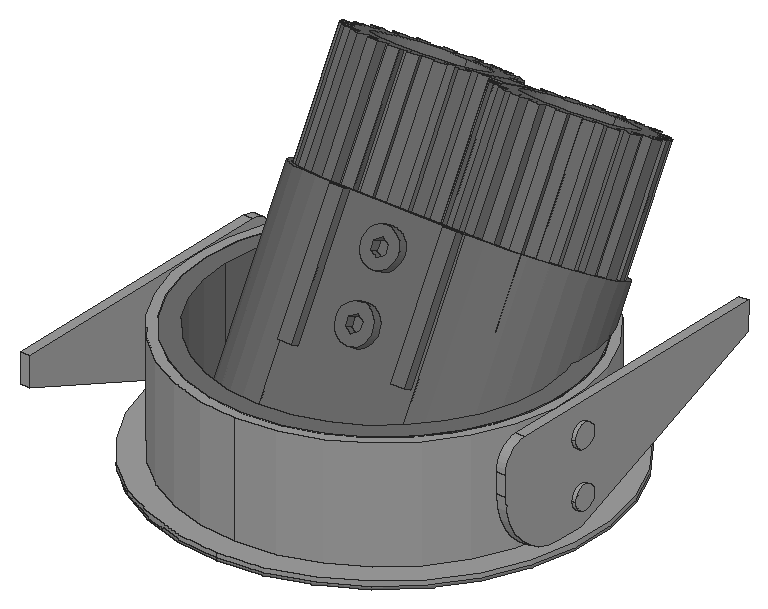
Revit family "Magnus Adjustable 2x - 4000K (Narrow)", category Lighting Fixtures, host Ceiling, Revit 2021
Family settings
  Host = Ceiling
  Round Connector Dimension = Use Diameter
  Part Type = Normal
  OmniClass Number = 23.80.70.11
  OmniClass Title = Luminaries for Internal Lighting
  Always vertical = Yes
  Cut with Voids When Loaded = No
  Light Source = No
  Shared = No
  Room Calculation Point = No
Parameters (values of type "Type 1")
  Weight = 0 mm
  Wattage(W) = "10"
  URL = "https://pluslighttech.com"
  UGR = "<10"
  Tuneable & Dimmable = "Yes"
  THD = "<10%"
  Tilt Angle = 30.00°
  Manufacturer = "pluslighttech."
  Lifetime = "L80/B10(>50,000hrs@Ta-30Deg C)"
  Lamp Flux( lm) = "792.342"
  IP Rating = "IP20"
  Efficiency = ">92 %"
  Efficacy (Lm/W) = "82.83"
  Driving Current( mA) = "350"
  Driver Type = "On-Off/ Dali 2.0/ DT8.0/ BLE/AD/ TD"
  Beam Angle Degree = "33.6"
  Default Elevation = 0 mm
  Colors = "Metalic Chrome, Black, White"
  Certification = "Available on request"
  CRI = "90"
  CCT(K) = "4000"
  Bining = "≤3SDCM"
Reference planes
  plane 1 "Light Source Axis (F/B)": y = 0
  plane 2: z = 0
  plane 3 "Light Source Axis (L/R)": x = 0
  plane 4 "Ceiling": z = 4000
  plane 5 "Light Source Elevation": z = 4000
  plane 6: z = 3996
Lines and regions (mm)
  Opening 1
    outline origin (-1859.1, 2697.74, 4010) x (-1, 0, 0) y (0, -1, 0)
      loop
        circle (-1859.1, 2697.74) r 38.5
Dimensions and locks
  equal spacing: host sketch curve, plane 3 "Light Source Axis (L/R)", host sketch curve
  equal spacing: host sketch curve, plane 1 "Light Source Axis (F/B)", host sketch curve
  host sketch curve to host sketch curve = 4000 mm  (x2)
  "Tilt Angle": angle nested 2 to plane 1 "Light Source Axis (F/B)"
  aligned and locked: plane 5 "Light Source Elevation" to nested 1
  aligned and locked: nested 1 to plane 1 "Light Source Axis (F/B)"
  aligned and locked: plane 3 "Light Source Axis (L/R)" to nested 1
  aligned and locked: plane 5 "Light Source Elevation" to nested 2
  aligned and locked: plane 1 "Light Source Axis (F/B)" to nested 2
Automatic sketch dimensions
  Opening 1 sketch curve to Opening 1 sketch curve = 0 mm  (x2)
  Opening 1 sketch curve to plane 3 "Light Source Axis (L/R)" = 0 mm
  plane 1 "Light Source Axis (F/B)" to Opening 1 sketch curve = 0 mm
  Opening 1 sketch curve to plane 1 "Light Source Axis (F/B)" = 38.5 mm
Nested families
  nested 1: "Magnus Adjustable 2x - Cap" at (0, 0, 4000) x (0, 1, 0) z (0, 0, 1), type "Magnus Adjustable 2x - Cap"
  nested 2: "Magnus Adjustable 2x - Spot Light" at (-14.662, 38.507, 4066.696) x (0, -0.5, -0.866) z (1, 0, 0), type "Magnus Adjustable 2x - Spot Light"
Definition of nested family "Magnus Adjustable 2x - Cap"
  Parameters (values of type "Magnus Adjustable 2x - Cap")
    Wattage Comments = ""
    UGR = "<13"
    SS = none
    S2 = D1 / 2  # 20.25 mm
    S1 = D1 + 5 mm  # 45.5 mm
    Power = "29W"
    Photobiological safety group = "1"
    Lumious flux of the fixture = "2773.94lm"
    Luminious efficacy = "94.83lm/W"
    Light Cap = none
    LOR = "85%"
    LED realiability = "50000h L80B10"
    H3 = 76 mm
    H2 = 56 mm
    H1 = 26 mm
    Driver = "Constant Current"
    Fixture Finish = none
    Default Elevation = 0 mm
    D3 = 18 mm
    D2 = D1 - 5 mm  # 35.5 mm
    D1 = 40.5 mm
    Current = "600mA"
    Control = "DALI"
    Color Temperature = "4000K"
    Chromaticity Tolerance = "3SDCM"
    CRI = ">92.3"
    Beam Angle = "56.1º"
    Average Service Life = "50000hrs"
    Accessories = "Mounting accessories as per site requirement."
  Reference planes
    plane 1 "Tilt Plane (F/B)": y = 0
    plane 2: z = 0
    plane 3 "Light Source Axis (L/R)": x = 0
    plane 4 "Light Source Elevation": z = 0
    plane 5: z = -2
    plane 6: z = 24
    plane 7: z = 74
    plane 8: y = 40.5
    plane 9: y = -40.5
    plane 10: z = 12
    plane 11: z = 12
  Forms (mm)
    Sweep 1, solid, material <- "SS"
      path origin (0, 0, 0) x (1, 0, 0) y (0, 1, 0)
        loop
          circle (0, 0) r 40.5
      profile origin (0, 40.5, 0) x (0, -1, 0) y (0, 0, 1)
        loop
          arc (1, -2) -> (1.707, -1.707) -> (2, -1) r 1
          line (2, -1) -> (2, 24) -> (0, 24) -> (0, 0) -> (-5, 0) -> (-5, -1)
          arc (-5, -1) -> (-4.707, -1.707) -> (-4, -2) r 1
          line (-4, -2) -> (1, -2)
    Extrusion 2, solid, material <- "SS"
      sketch origin (0, 0, 0) x (1, 0, 0) y (0, 0, 1)
        loop
          arc (-14.979, 24) -> (-18.706, 22.456) -> (-20.25, 18.729) r 5.271
          line (-20.25, 18.729) -> (-20.25, 14.521)
          arc (-20.25, 14.521) -> (-15.997, 4.253) -> (-5.729, 0) r 14.521
          line (-5.729, 0) -> (0, 0) -> (45.5, 17.738) -> (45.5, 24) -> (-14.979, 24)
      from 40.5 to 42.5
    Extrusion 3, solid, material <- "SS"
      sketch origin (0, 0, 0) x (1, 0, 0) y (0, 0, 1)
        loop
          circle (0, 18) r 2.482
        loop
          circle (0, 6) r 2.482
      from 42.5 to 43.5
    Extrusion 4, solid, material <- "SS"
      sketch origin (-4.606, -2, 1) x (-1, 0, 0) y (0, 0, 1)
        loop
          arc (-19.585, 23) -> (-23.312, 21.456) -> (-24.856, 17.729) r 5.271
          line (-24.856, 17.729) -> (-24.856, 13.521)
          arc (-24.856, 13.521) -> (-20.603, 3.253) -> (-10.335, -1) r 14.521
          line (-10.335, -1) -> (-4.606, -1) -> (40.894, 16.738) -> (40.894, 23) -> (-19.585, 23)
      from 44.5 to 42.5
    Extrusion 5, solid, material <- "SS"
      sketch origin (0, 59.114, 0) x (1, 0, 0) y (0, 0, 1)
        loop
          circle (0, 18) r 2.482
        loop
          circle (0, 6) r 2.482
      from 15.614 to 16.614
    Sweep 6, solid, material <- "Light Cap"
      path origin (0, 0, 0) x (0, -1, 0) y (1, 0, 0)
        loop
          circle (0, 0) r 40.5
      profile origin (-40.5, 0, 0) x (-1, 0, 0) y (0, 0, 1)
        loop
          line (-2, 0) -> (-2, 24) -> (-6, 24) -> (-6, 0) -> (-2, 0)
  Text (mm)
    text "0 Tilt Angle" at (809.978, -4572, 1586.413), in view "Front"
    text "90" at (-194.597, -4572, 2488.248), in view "Front"
    text "180" at (-1130.68, -4572, 1586.413), in view "Front"
    text "270" at (-320.169, -4572, 456.265), in view "Front"
    text "0 Tilt Angle" at (1952.354, 4572, 1542.98), in view "Back"
    text "180" at (-876.627, 4572, 1524.796), in view "Back"
    text "90" at (296.375, 4572, 2698.908), in view "Back"
    text "270" at (421.947, 4572, 666.926), in view "Back"
  Dimensions and locks
    locked: level to plane 5 at 2
    "H1": plane 6 to plane 5
    locked: Sweep 1 sketch curve to Sweep 1 sketch curve at 2
    "H3": plane 7 to plane 5
    "D1": plane 8 to plane 1 "Tilt Plane (F/B)"
    "D1": plane 9 to plane 1 "Tilt Plane (F/B)"
    "S1": plane 3 "Light Source Axis (L/R)" to Extrusion 2 sketch curve
    "S2": plane 3 "Light Source Axis (L/R)" to Extrusion 2 sketch curve
    locked: Extrusion 2 sketch curve to Extrusion 2 sketch curve at 6.262
    locked: Extrusion 2 to Extrusion 2 at 2
    equal spacing: Sweep 1, Extrusion 3 sketch curve, plane 10
    locked: plane 3 "Light Source Axis (L/R)" to Extrusion 3 sketch curve  (x2)
    locked: Extrusion 3 to Extrusion 3 at 1
    locked: Extrusion 4 sketch curve to Extrusion 4 sketch curve at 6.262
    locked: Extrusion 4 to Extrusion 4 at 2
    "S1": plane 3 "Light Source Axis (L/R)" to Extrusion 4 sketch curve
    "S2": Extrusion 4 sketch curve to plane 3 "Light Source Axis (L/R)"
    locked: Extrusion 5 to Extrusion 5 at 1
    locked: plane 3 "Light Source Axis (L/R)" to Extrusion 5 sketch curve  (x2)
    equal spacing: plane 10, Extrusion 3 sketch curve, Sweep 1
    equal spacing: Sweep 1, plane 10, Sweep 1
    equal spacing: Sweep 1, plane 11, Sweep 1
    equal spacing: plane 11, Extrusion 5 sketch curve, Sweep 1
    equal spacing: Sweep 1, Extrusion 5 sketch curve, plane 11
    "D1": radius of Sweep 1 sketch curve
    "D1": radius of Sweep 6 sketch curve
    aligned and locked: level to plane 2
    aligned and locked: Sweep 1 to plane 4 "Light Source Elevation"
    aligned and locked: level to Sweep 1
    aligned and locked: plane 6 to Sweep 1 sketch curve
    aligned and locked: profile plane to Sweep 1 sketch curve  (x2)
    aligned and locked: Sweep 1 sketch curve to plane 5
    aligned and locked: Sweep 1 to Extrusion 2 sketch curve
    aligned and locked: Extrusion 2 sketch curve to Sweep 1
    aligned and locked: plane 3 "Light Source Axis (L/R)" to Extrusion 2 sketch curve
    aligned and locked: plane 9 to Extrusion 2
    aligned and locked: Extrusion 3 to Extrusion 2
    aligned and locked: Extrusion 4 sketch curve to Sweep 1
    aligned and locked: Sweep 1 to Extrusion 4 sketch curve
    aligned and locked: Extrusion 5 to Extrusion 4
    aligned and locked: Extrusion 4 to plane 8
  Automatic sketch dimensions
    Sweep 6 sketch curve to plane 4 "Light Source Elevation" = 0 mm
    profile plane to Sweep 6 sketch curve = 6 mm
    Sweep 6 sketch curve to Sweep 6 sketch curve = 4 mm
    Sweep 6 sketch curve to Sweep 6 sketch curve = 24 mm
    plane 1 "Tilt Plane (F/B)" to Sweep 1 sketch curve = 0 mm
    Sweep 1 sketch curve to plane 3 "Light Source Axis (L/R)" = 0 mm
    profile plane to Sweep 1 sketch curve = 4 mm
    Sweep 1 sketch curve to Sweep 1 sketch curve = 1 mm
    Sweep 1 sketch curve to profile plane = 1 mm
    Extrusion 2 sketch curve to Extrusion 2 sketch curve = 5.271 mm
    Extrusion 2 sketch curve to plane 3 "Light Source Axis (L/R)" = 5.729 mm
    Extrusion 4 sketch curve to plane 3 "Light Source Axis (L/R)" = 0 mm
    Extrusion 4 sketch curve to Extrusion 4 sketch curve = 5.271 mm
    plane 3 "Light Source Axis (L/R)" to Extrusion 4 sketch curve = 5.729 mm
    plane 1 "Tilt Plane (F/B)" to Sweep 6 sketch curve = 0 mm
    Sweep 6 sketch curve to plane 3 "Light Source Axis (L/R)" = 0 mm
    radius of Extrusion 3 sketch curve = 2.482 mm  (x2)
    radius of Extrusion 5 sketch curve = 2.482 mm  (x2)
Definition of nested family "Magnus Adjustable 2x - Spot Light"
  Parameters (values of type "Magnus Adjustable 2x - Spot Light")
    Wattage = 9.2903 W
    built-in parameter 1150110 = 1 (stored number, unit not read)
    built-in parameter 1114217 = 1 (stored number, unit not read)
    Tilt Angle = 90.00°  # constant formula
    built-in parameter 1150109 = 1 (stored number, unit not read)
    built-in parameter 1150134 = (empty or 0)
    built-in parameter 1150113 = 1 (stored number, unit not read)
    SS = none
    Photometric Web File = "Magnus 2X RS 10W 3000K SP.IES"
    built-in parameter 1150105 = 109.82 (stored number, unit not read)
    Lumens = 1380 lm
    built-in parameter 1150115 = 1 (stored number, unit not read)
    built-in parameter 1150137 = (empty or 0)
    built-in parameter 1150139 = (empty or 0)
    Light Cap = none
    built-in parameter 1150112 = 1 (stored number, unit not read)
    built-in parameter 1150114 = 1 (stored number, unit not read)
    built-in parameter 1150132 = (empty or 0)
    built-in parameter 1150102 = (empty or 0)
    built-in parameter 1150107 = 3000 (stored number, unit not read)
    built-in parameter 1150138 = (empty or 0)
    built-in parameter 1150106 = 1.0982 (stored number, unit not read)
    Glass Material = none
    Glass = none
    Fixture Finish = none
    built-in parameter 1150104 = 13.8 (stored number, unit not read)
    Dimming Lamp Color Temperature Shift = (empty or 0)
    Default Elevation = 1219.2 mm
    D = 96 mm
    Color Filter = 16777215
    built-in parameter 1114218 = 1 (stored number, unit not read)
    built-in parameter 1150133 = 10 (stored number, unit not read)
  Reference planes
    plane 1 "Center (Front/Back)": y = 0
    plane 2: z = 0
    plane 3 "Center (Left/Right)": x = 0
    plane 4: x = 23.013
    plane 5: z = -19
    plane 6: z = 48
    plane 7: z = 47
    plane 8: z = -18
    plane 9: z = 14.5
    plane 10: z = -1.75
    plane 11: z = 30.75
  Forms (mm)
    Extrusion 1, solid
      sketch origin (0, 0, 0) x (1, 0, 0) y (0, 1, 0)
        loop
          line (-1219.2, 1219.2) -> (-1219.2, -1219.2) -> (1219.2, -1219.2) -> (1219.2, 1219.2) -> (-1219.2, 1219.2)
      from 0 to -304.8
    Revolve 2, solid, material <- "Light Cap"
      sketch origin (77.013, 0, -1.75) x (0, 0, 1) y (-1, 0, 0)
        loop
          line (15.25, 0.906) -> (15.25, 14.518) -> (2.173, 14.518)
          arc (2.173, 14.518) -> (8.801, 9.327) -> (13.149, 2.119) r 23.282
          line (13.149, 2.119) -> (15.25, 0.906)
        loop
          line (15.11, 0) -> (16.25, 1.14) -> (16.25, 15.518) -> (0, 15.518) -> (0, 14.437)
          arc (0, 14.437) -> (7.455, 9.313) -> (12.258, 1.647) r 22.282
          line (12.258, 1.647) -> (15.11, 0)
        axis (0, 0) -> (0, 15.518)
      angle from 0 to 360
    Extrusion 3, solid, material <- "Glass"
      sketch origin (72.938, 0, -1.75) x (0, 0, 1) y (0, -1, 0)
        loop
          circle (-0.008, 0) r 12.212
      from 1.833 to 2.242
    Sweep 4, solid, material <- "Light Cap"
      path origin (77.013, 0, 0) x (0, 0, 1) y (0, -1, 0)
        loop
          arc (0, 19) -> (-19, 0) -> (0, -19) r 19
          line (0, -19) -> (29, -19)
          arc (29, -19) -> (48, 0) -> (29, 19) r 19
          line (29, 19) -> (0, 19)
      profile origin (77.013, 0, -19) x (0, 0, 1) y (1, 0, 0)
        loop
          line (0.195, 0) -> (0.195, -41) -> (1, -41) -> (1, 0) -> (0.195, 0)
    Revolve 5, solid, material <- "Light Cap"
      sketch origin (77.013, 0, 30.758) x (0, 0, 1) y (-1, 0, 0)
        loop
          line (15.242, 0.906) -> (15.242, 14.518) -> (2.173, 14.518)
          arc (2.173, 14.518) -> (8.803, 9.325) -> (13.152, 2.113) r 23.282
          line (13.152, 2.113) -> (15.242, 0.906)
        loop
          line (15.102, 0) -> (16.242, 1.14) -> (16.242, 15.518) -> (0, 15.518) -> (0, 14.437)
          arc (0, 14.437) -> (7.457, 9.31) -> (12.261, 1.641) r 22.282
          line (12.261, 1.641) -> (15.102, 0)
        axis (0, 0) -> (0, 15.518)
      angle from 0 to 360
    Extrusion 6, solid, material <- "Glass"
      sketch origin (72.938, 0, 30.758) x (0, 0, 1) y (0, -1, 0)
        loop
          circle (-0.008, 0) r 12.212
      from 1.833 to 2.242
    Extrusion 7, solid, material <- "Light Cap"
      sketch origin (-24, 0, 30.75) x (0, 0, 1) y (0, -1, 0)
        loop
          circle (0, 0) r 11
        loop
          arc (-9.701, 10.094) -> (-10.393, 9.38) -> (-11.032, 8.619) r 14
          line (-11.032, 8.619) -> (-12.937, 10.107)
          arc (-12.937, 10.107) -> (-13.61, 9.18) -> (-14.217, 8.208) r 16.417
          line (-14.217, 8.208) -> (-12.124, 7)
          arc (-12.124, 7) -> (-14, 0) -> (-12.124, -7) r 14
          line (-12.124, -7) -> (-14.217, -8.208)
          arc (-14.217, -8.208) -> (-13.61, -9.18) -> (-12.937, -10.107) r 16.417
          line (-12.937, -10.107) -> (-11.032, -8.619)
          arc (-11.032, -8.619) -> (-10.393, -9.38) -> (-9.701, -10.094) r 14
          line (-9.701, -10.094) -> (-11.376, -11.837)
          arc (-11.376, -11.837) -> (-10.537, -12.589) -> (-9.65, -13.281) r 16.417
          line (-9.65, -13.281) -> (-8.229, -11.326)
          arc (-8.229, -11.326) -> (-7.315, -11.937) -> (-6.356, -12.474) r 14
          line (-6.356, -12.474) -> (-7.453, -14.627)
          arc (-7.453, -14.627) -> (-6.415, -15.112) -> (-5.345, -15.522) r 16.417
          line (-5.345, -15.522) -> (-4.558, -13.237)
          arc (-4.558, -13.237) -> (-3.976, -13.423) -> (-3.387, -13.584) r 14
          line (-3.387, -13.584) -> (-3.972, -15.929)
          arc (-3.972, -15.929) -> (-2.851, -16.167) -> (-1.716, -16.327) r 16.417
          line (-1.716, -16.327) -> (-1.463, -13.923)
          arc (-1.463, -13.923) -> (-0.611, -13.987) -> (0.244, -13.998) r 14
          line (0.244, -13.998) -> (0.287, -16.414)
          arc (0.287, -16.414) -> (1.427, -16.355) -> (2.561, -16.216) r 16.417
          line (2.561, -16.216) -> (2.184, -13.829)
          arc (2.184, -13.829) -> (3.384, -13.585) -> (4.558, -13.237) r 14
          line (4.558, -13.237) -> (5.345, -15.522)
          arc (5.345, -15.522) -> (6.415, -15.112) -> (7.453, -14.627) r 16.417
          line (7.453, -14.627) -> (6.356, -12.474)
          arc (6.356, -12.474) -> (7.315, -11.937) -> (8.229, -11.326) r 14
          line (8.229, -11.326) -> (9.65, -13.281)
          arc (9.65, -13.281) -> (10.537, -12.589) -> (11.376, -11.837) r 16.417
          line (11.376, -11.837) -> (9.701, -10.094)
          arc (9.701, -10.094) -> (10.393, -9.38) -> (11.032, -8.619) r 14
          line (11.032, -8.619) -> (12.937, -10.107)
          arc (12.937, -10.107) -> (13.61, -9.18) -> (14.217, -8.208) r 16.417
          line (14.217, -8.208) -> (12.124, -7)
          arc (12.124, -7) -> (12.583, -6.137) -> (12.981, -5.244) r 14
          line (12.981, -5.244) -> (15.221, -6.15)
          arc (15.221, -6.15) -> (15.613, -5.073) -> (15.929, -3.972) r 16.417
          line (15.929, -3.972) -> (13.584, -3.387)
          arc (13.584, -3.387) -> (13.766, -2.551) -> (13.896, -1.706) r 14
          line (13.896, -1.706) -> (16.294, -2.001)
          arc (16.294, -2.001) -> (16.407, -0.573) -> (16.394, 0.859) r 16.417
          line (16.394, 0.859) -> (13.981, 0.733)
          arc (13.981, 0.733) -> (13.846, 2.069) -> (13.584, 3.387) r 14
          line (13.584, 3.387) -> (15.929, 3.972)
          arc (15.929, 3.972) -> (15.613, 5.073) -> (15.221, 6.15) r 16.417
          line (15.221, 6.15) -> (12.981, 5.244)
          arc (12.981, 5.244) -> (12.583, 6.137) -> (12.124, 7) r 14
          line (12.124, 7) -> (14.217, 8.208)
          arc (14.217, 8.208) -> (13.61, 9.18) -> (12.937, 10.107) r 16.417
          line (12.937, 10.107) -> (11.032, 8.619)
          arc (11.032, 8.619) -> (10.393, 9.38) -> (9.701, 10.094) r 14
          line (9.701, 10.094) -> (11.376, 11.837)
          arc (11.376, 11.837) -> (10.537, 12.589) -> (9.65, 13.281) r 16.417
          line (9.65, 13.281) -> (8.229, 11.326)
          arc (8.229, 11.326) -> (7.315, 11.937) -> (6.356, 12.474) r 14
          line (6.356, 12.474) -> (7.453, 14.627)
          arc (7.453, 14.627) -> (6.415, 15.112) -> (5.345, 15.522) r 16.417
          line (5.345, 15.522) -> (4.558, 13.237)
          arc (4.558, 13.237) -> (3.384, 13.585) -> (2.184, 13.829) r 14
          line (2.184, 13.829) -> (2.561, 16.216)
          arc (2.561, 16.216) -> (1.427, 16.355) -> (0.287, 16.414) r 16.417
          line (0.287, 16.414) -> (0.244, 13.998)
          arc (0.244, 13.998) -> (-0.611, 13.987) -> (-1.463, 13.923) r 14
          line (-1.463, 13.923) -> (-1.716, 16.327)
          arc (-1.716, 16.327) -> (-2.851, 16.167) -> (-3.972, 15.929) r 16.417
          line (-3.972, 15.929) -> (-3.387, 13.584)
          arc (-3.387, 13.584) -> (-3.976, 13.423) -> (-4.558, 13.237) r 14
          line (-4.558, 13.237) -> (-5.345, 15.522)
          arc (-5.345, 15.522) -> (-6.415, 15.112) -> (-7.453, 14.627) r 16.417
          line (-7.453, 14.627) -> (-6.356, 12.474)
          arc (-6.356, 12.474) -> (-7.315, 11.937) -> (-8.229, 11.326) r 14
          line (-8.229, 11.326) -> (-9.65, 13.281)
          arc (-9.65, 13.281) -> (-10.537, 12.589) -> (-11.376, 11.837) r 16.417
          line (-11.376, 11.837) -> (-9.701, 10.094)
      from 35.013 to 74
    Extrusion 8, solid, material <- "Light Cap"
      sketch origin (13, 0, 0) x (1, 0, 0) y (0, 0, 1)
        loop
          line (23.013, 0.75) -> (51.013, 0.75) -> (51.013, 3.75) -> (23.013, 3.75) -> (23.013, 0.75)
        loop
          line (23.013, 28.25) -> (23.013, 25.25) -> (51.013, 25.25) -> (51.013, 28.25) -> (23.013, 28.25)
        loop
          circle (30.184, 14.5) r 4.018
        loop
          line (31.09, 12.93) -> (31.996, 14.5) -> (31.09, 16.07) -> (29.278, 16.07) -> (28.372, 14.5) -> (29.278, 12.93) -> (31.09, 12.93)
        loop
          circle (43.845, 14.5) r 4.018
        loop
          line (44.751, 12.93) -> (45.657, 14.5) -> (44.751, 16.07) -> (42.939, 16.07) -> (42.033, 14.5) -> (42.939, 12.93) -> (44.751, 12.93)
      from 18.805 to 20.698
    Extrusion 9, solid, material <- "Light Cap"
      sketch origin (-24, 0, -1.416) x (0, 0, -1) y (0, 1, 0)
        loop
          circle (0, 0) r 11
        loop
          line (-9.701, -10.094) -> (-11.376, -11.837)
          arc (-11.376, -11.837) -> (-10.537, -12.589) -> (-9.65, -13.281) r 16.417
          line (-9.65, -13.281) -> (-8.229, -11.326)
          arc (-8.229, -11.326) -> (-7.315, -11.937) -> (-6.356, -12.474) r 14
          line (-6.356, -12.474) -> (-7.453, -14.627)
          arc (-7.453, -14.627) -> (-6.415, -15.112) -> (-5.345, -15.522) r 16.417
          line (-5.345, -15.522) -> (-4.558, -13.237)
          arc (-4.558, -13.237) -> (-3.976, -13.423) -> (-3.387, -13.584) r 14
          line (-3.387, -13.584) -> (-3.972, -15.929)
          arc (-3.972, -15.929) -> (-2.851, -16.167) -> (-1.716, -16.327) r 16.417
          line (-1.716, -16.327) -> (-1.463, -13.923)
          arc (-1.463, -13.923) -> (-0.611, -13.987) -> (0.244, -13.998) r 14
          line (0.244, -13.998) -> (0.287, -16.414)
          arc (0.287, -16.414) -> (1.427, -16.355) -> (2.561, -16.216) r 16.417
          line (2.561, -16.216) -> (2.184, -13.829)
          arc (2.184, -13.829) -> (3.384, -13.585) -> (4.558, -13.237) r 14
          line (4.558, -13.237) -> (5.345, -15.522)
          arc (5.345, -15.522) -> (6.415, -15.112) -> (7.453, -14.627) r 16.417
          line (7.453, -14.627) -> (6.356, -12.474)
          arc (6.356, -12.474) -> (7.315, -11.937) -> (8.229, -11.326) r 14
          line (8.229, -11.326) -> (9.65, -13.281)
          arc (9.65, -13.281) -> (10.537, -12.589) -> (11.376, -11.837) r 16.417
          line (11.376, -11.837) -> (9.701, -10.094)
          arc (9.701, -10.094) -> (10.393, -9.38) -> (11.032, -8.619) r 14
          line (11.032, -8.619) -> (12.937, -10.107)
          arc (12.937, -10.107) -> (13.61, -9.18) -> (14.217, -8.208) r 16.417
          line (14.217, -8.208) -> (12.124, -7)
          arc (12.124, -7) -> (12.583, -6.137) -> (12.981, -5.244) r 14
          line (12.981, -5.244) -> (15.221, -6.15)
          arc (15.221, -6.15) -> (15.613, -5.073) -> (15.929, -3.972) r 16.417
          line (15.929, -3.972) -> (13.584, -3.387)
          arc (13.584, -3.387) -> (13.846, -2.069) -> (13.981, -0.733) r 14
          line (13.981, -0.733) -> (16.394, -0.859)
          arc (16.394, -0.859) -> (16.407, 0.573) -> (16.294, 2.001) r 16.417
          line (16.294, 2.001) -> (13.896, 1.706)
          arc (13.896, 1.706) -> (13.766, 2.551) -> (13.584, 3.387) r 14
          line (13.584, 3.387) -> (15.929, 3.972)
          arc (15.929, 3.972) -> (15.613, 5.073) -> (15.221, 6.15) r 16.417
          line (15.221, 6.15) -> (12.981, 5.244)
          arc (12.981, 5.244) -> (12.583, 6.137) -> (12.124, 7) r 14
          line (12.124, 7) -> (14.217, 8.208)
          arc (14.217, 8.208) -> (13.61, 9.18) -> (12.937, 10.107) r 16.417
          line (12.937, 10.107) -> (11.032, 8.619)
          arc (11.032, 8.619) -> (10.393, 9.38) -> (9.701, 10.094) r 14
          line (9.701, 10.094) -> (11.376, 11.837)
          arc (11.376, 11.837) -> (10.537, 12.589) -> (9.65, 13.281) r 16.417
          line (9.65, 13.281) -> (8.229, 11.326)
          arc (8.229, 11.326) -> (7.315, 11.937) -> (6.356, 12.474) r 14
          line (6.356, 12.474) -> (7.453, 14.627)
          arc (7.453, 14.627) -> (6.415, 15.112) -> (5.345, 15.522) r 16.417
          line (5.345, 15.522) -> (4.558, 13.237)
          arc (4.558, 13.237) -> (3.384, 13.585) -> (2.184, 13.829) r 14
          line (2.184, 13.829) -> (2.561, 16.216)
          arc (2.561, 16.216) -> (1.427, 16.355) -> (0.287, 16.414) r 16.417
          line (0.287, 16.414) -> (0.244, 13.998)
          arc (0.244, 13.998) -> (-0.611, 13.987) -> (-1.463, 13.923) r 14
          line (-1.463, 13.923) -> (-1.716, 16.327)
          arc (-1.716, 16.327) -> (-2.851, 16.167) -> (-3.972, 15.929) r 16.417
          line (-3.972, 15.929) -> (-3.387, 13.584)
          arc (-3.387, 13.584) -> (-3.976, 13.423) -> (-4.558, 13.237) r 14
          line (-4.558, 13.237) -> (-5.345, 15.522)
          arc (-5.345, 15.522) -> (-6.415, 15.112) -> (-7.453, 14.627) r 16.417
          line (-7.453, 14.627) -> (-6.356, 12.474)
          arc (-6.356, 12.474) -> (-7.315, 11.937) -> (-8.229, 11.326) r 14
          line (-8.229, 11.326) -> (-9.65, 13.281)
          arc (-9.65, 13.281) -> (-10.537, 12.589) -> (-11.376, 11.837) r 16.417
          line (-11.376, 11.837) -> (-9.701, 10.094)
          arc (-9.701, 10.094) -> (-10.393, 9.38) -> (-11.032, 8.619) r 14
          line (-11.032, 8.619) -> (-12.937, 10.107)
          arc (-12.937, 10.107) -> (-13.61, 9.18) -> (-14.217, 8.208) r 16.417
          line (-14.217, 8.208) -> (-12.124, 7)
          arc (-12.124, 7) -> (-14, 0) -> (-12.124, -7) r 14
          line (-12.124, -7) -> (-14.217, -8.208)
          arc (-14.217, -8.208) -> (-13.61, -9.18) -> (-12.937, -10.107) r 16.417
          line (-12.937, -10.107) -> (-11.032, -8.619)
          arc (-11.032, -8.619) -> (-10.393, -9.38) -> (-9.701, -10.094) r 14
      from 35.013 to 74
    Extrusion 10, solid, material <- "Light Cap"
      sketch origin (31.35, 0, 64) x (0, 0, -1) y (0, 1, 0)
        loop
          line (52.233, 4.712) -> (46.443, 4.712) -> (46.443, -4.685) -> (52.233, -4.685) -> (52.233, 4.712)
      from -20.336 to 18.65
  Dimensions and locks
    plane 7 to plane 9 to plane 8 = 32.5 mm, 32.5 mm
    plane 9 to plane 10 to plane 8 = 16.25 mm, 16.25 mm
    plane 7 to plane 11 to plane 9 = 16.25 mm, 16.25 mm
    Sweep 4 to Extrusion 7 = 66 mm
    aligned and locked: plane 2 to Extrusion 1
    aligned and locked: level to Extrusion 1
